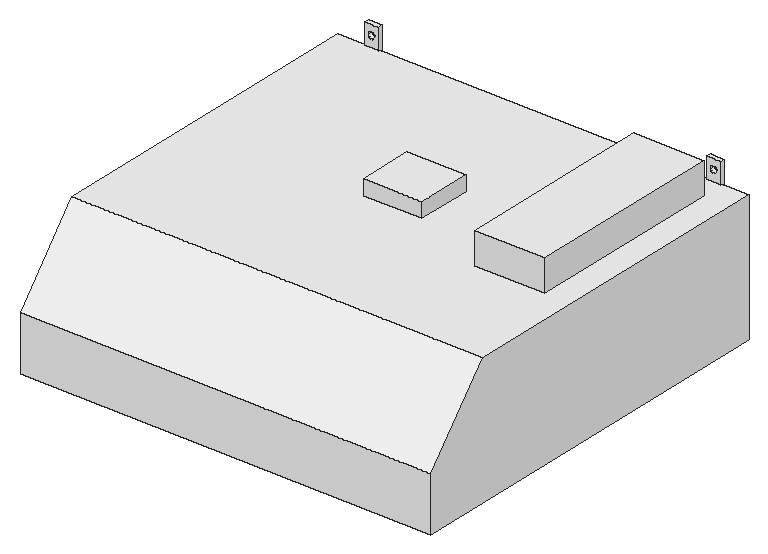
Revit family "v-316_317k7_kr7_kp7_6", category 機械設備, Revit 2019
Family settings
  丸型コネクタ寸法 = 直径を使用
  パーツ タイプ = 標準
  OmniClass 番号 = 23.75.35.17.27
  OmniClass タイトル = Centrifugal Fans
  作業面ベース = いいえ
  常に垂直 = はい
  ロード時にボイドで切り取り = いいえ
  共有 = いいえ
  部屋計算ポイント = いいえ
Parameters (values of type "V-316KSW6")
  騒音レベル(dB(A)) = 46
  風量 = 570.0 m³/h
  電源種別 [instance] = ""
  電圧 = 100 V
  電動機出力 = 0 W
  電動機_種別 = ""
  集中コントローラ = ""
  運転質量 = 0.00 kg
  連動 [instance] = ""
  質量 = if(製品質量 > 運転質量, 製品質量, 運転質量) * 1.2  # 14.40 kg
  負荷分類 = 3_ファン類
  説明 = "レンジフードファン 浅形 標準タイプ"
  設計風量 = 0.0 m³/h
  設置方法 = "天吊"
  記号 [instance] = ""
  製造元 = "三菱電機株式会社"
  製品質量 = 12.00 kg
  製品出荷対象 = "国内"
  製品リリース年月 = "2022年6月1日"
  製品グループ = ""
  系統 [instance] = ""
  符号 = if(☑給気／□排気, "FS", "FE")  # "FE"
  積算_科目 = "2 換気設備"
  積算_拾い区分 [instance] = ""
  相 = 1
  盤記号 [instance] = ""
  発停方法 [instance] = ""
  特殊仕様 [instance] = ""
  火災停止 [instance] = ""
  消費電力 = 84 W
  法定耐用年数 = "15"
  機外静圧_排気 = 210.0 Pa
  機外静圧 = 0.0 Pa
  極数 = 2
  材質 [instance] = ""
  操作・制御方式 = ""
  操作・制御スイッチ = ""
  排気量 = 0.0 m³/h
  形式 = "片吸込形"
  幹線記号 [instance] = ""
  対象室 [instance] = ""
  実風量 = 0.0 m³/h
  始動方式 [instance] = "直入"
  天吊用穴_D2 = 336 mm
  天吊用穴_D1 = 15 mm
  天吊用穴_ピッチ = 250 mm
  外気量 = 0.0 m³/h
  呼称 = "遠心送風機"
  周波数 = 60 Hz
  取付金具_穴位置 = 16 mm
  取付金具_径 = 10 mm
  取付金具_ピッチ = 500 mm
  取付金具_H = 30 mm
  取付金具_Depth = 6 mm
  参照している仕様書等のバージョン = ""
  分類コード = "50052503100060"
  分類グループ = ""
  価格 = 68100
  企業コード = "108420"
  付属品_フィルター_還気 = ""
  付属品_フィルター = ""
  付属品 [instance] = ""
  仕様書バージョン = "Version1.0"
  モデル = "V-316KSW6"
  マテリアル = 鋼板(白)
  ファンの種類 = ""
  ダクト高 = 291 mm
  ダクト幅 = 102 mm
  コメント [instance] = ""
  Keynote = ""
  Assembly Code = ""
  ☑給気／□排気 = no
  Width = 600 mm
  W1 = Width / 2  # 300 mm
  Version = ""
  Uniclass2015Version = "Systems v1.9"
  Uniclass2015Title = "Centrifugal fans"
  Uniclass2015Code = "Pr_65_67_29_12"
  URL = "https://www.mitsubishielectric.co.jp/ldg/wink/ssl/displayProduct.do?pid=320499"
  SpecificationReference = ""
  SpecificationDescription = ""
  Revision = ""
  ProductInformation = ""
  OmniClassCode = "23-33 31 19 13 15"
  MIN風量 = 360.0 m³/h
  MIN静圧 = 0.0 Pa
  MID風量 = 0.0 m³/h
  MID静圧 = 0.0 Pa
  MAX風量 = 570.0 m³/h
  MAX静圧 = 0.0 Pa
  IfcTypeProduct = ""
  IfcProduct = ""
  IfcExportType = "CENTRIFUGALFORWARDCURVED"
  IfcExportAs = "IfcFanType"
  Height = 190 mm
  H1 = 110 mm
  EAダクト接続口_後部 = no
  EAダクト接続口_左 = no
  EAダクト接続口_右 = no
  EAダクト接続口_上部左 = no
  EAダクト接続口_上部右 = yes
  EAサイズ_W = 102 mm
  EAサイズ_D = 291 mm
  Duct_W = 210 mm
  Duct_Height = 46 mm
  Duct_H = 91 mm
  Duct_D = 178 mm
  Depth = 580 mm
  D1 = 95 mm
  Clearance Top = 0 mm
  Clearance Right = 0 mm
  Clearance Left = 0 mm
  Clearance Front = 0 mm
  Clearance Bottom = 0 mm
  Clearance Back = 0 mm
  Box_Width = 85 mm
  Box_Height = 22 mm
  Box_Depth = 80 mm
  Box_D = 235 mm
  Author = "三菱電機株式会社"
Reference planes
  plane 1 "中心(正面/背面)": y = 0
  plane 2: z = 0
  plane 3 "中心(左/右)": x = 0
  plane 4: x = -300
  plane 5: x = 300
  plane 6: y = -580
  plane 7: z = -190
  plane 8: z = -110
  plane 9: z = 46
  plane 10: y = -290
  plane 11: y = -485
  plane 12: x = -210
  plane 13: x = 210
  plane 14: y = -178
  plane 15: x = -125
  plane 16: x = 125
  plane 17: y = -15
  plane 18: x = -150
  plane 19: x = 150
  plane 20: z = 30
  plane 21: z = 16
  plane 22: x = -250
  plane 23: x = -260
  plane 24: x = -240
  plane 25: x = 250
  plane 26: x = 260
  plane 27: x = 240
  plane 28: y = 6
  plane 29: x = 159
  plane 30: x = 261
  plane 31: y = -32.5
  plane 32: y = -323.5
  plane 33: x = -159
  plane 34: x = -261
  plane 35: x = -145.5
  plane 36: x = 145.5
  plane 37: z = -91
  plane 38: z = -142
  plane 39: z = -40
  plane 40: y = 46
  plane 41: x = 346
  plane 42: x = -346
  plane 43: y = -351
  plane 44: y = -235
  plane 45: y = -275
  plane 46: y = -195
  plane 47: x = -42.5
  plane 48: x = 42.5
  plane 49: z = 22
Forms (mm)
  Extrusion 1, solid, material "鋼板(白)" <- "マテリアル", detail levels fine
    sketch origin (0, 0, 0) x (1, 0, 0) y (0, 1, 0)
      loop
        line (-300, 0) -> (-300, -485) -> (300, -485) -> (300, 0) -> (-300, 0)
    from -190 to 0
  Blend 2, solid, material "鋼板(白)" <- "マテリアル", detail levels fine
    base sketch origin (0, 0, 0) x (1, 0, 0) y (0, 0, 1)
      loop
        line (-300, -190) -> (300, -190) -> (300, 0) -> (-300, 0) -> (-300, -190)
    top sketch origin (0, 0, 0) x (1, 0, 0) y (0, 0, 1)
      loop
        line (-300, -190) -> (300, -190) -> (300, -110) -> (-300, -110) -> (-300, -190)
    from 485 to 580
  Extrusion 3, solid, material "鋼板(白)" <- "マテリアル", visible <- "EAダクト接続口_上部右", detail levels fine
    sketch origin (0, 0, 0) x (1, 0, 0) y (0, 1, 0)
      loop
        line (159, -32.5) -> (159, -323.5) -> (261, -323.5) -> (261, -32.5) -> (159, -32.5)
    from 0 to 46
  Extrusion 4, solid, material "鋼板(白)" <- "マテリアル", visible <- "EAダクト接続口_上部左", detail levels fine
    sketch origin (0, 0, 0) x (1, 0, 0) y (0, 1, 0)
      loop
        line (-261, -32.5) -> (-261, -323.5) -> (-159, -323.5) -> (-159, -32.5) -> (-261, -32.5)
    from 0 to 46
  Extrusion 5, solid, material "鋼板(白)" <- "マテリアル"
    sketch origin (0, 0, 0) x (1, 0, 0) y (0, 0, 1)
      loop
        line (-260, 30) -> (-260, -190) -> (-240, -190) -> (-240, 30) -> (-260, 30)
      loop
        line (240, 30) -> (240, -190) -> (260, -190) -> (260, 30) -> (240, 30)
      loop
        circle (250, 16) r 5
      loop
        circle (-250, 16) r 5
    from -6 to 0
  Extrusion 6, solid, material "鋼板(白)" <- "マテリアル", visible <- "EAダクト接続口_後部"
    sketch origin (0, 0, 0) x (1, 0, 0) y (0, 0, 1)
      loop
        line (-145.5, -40) -> (-145.5, -142) -> (145.5, -142) -> (145.5, -40) -> (-145.5, -40)
    from -46 to 0
  Extrusion 7, solid, material "鋼板(白)" <- "マテリアル", visible <- "EAダクト接続口_左"
    sketch origin (0, 0, 0) x (0, 1, 0) y (0, 0, 1)
      loop
        line (-323.5, -142) -> (-32.5, -142) -> (-32.5, -40) -> (-323.5, -40) -> (-323.5, -142)
    from -346 to -300
  Extrusion 8, solid, material "鋼板(白)" <- "マテリアル", visible <- "EAダクト接続口_右"
    sketch origin (0, 0, 0) x (0, 1, 0) y (0, 0, 1)
      loop
        line (-323.5, -142) -> (-32.5, -142) -> (-32.5, -40) -> (-323.5, -40) -> (-323.5, -142)
    from 300 to 346
  Extrusion 9, solid, material "鋼板(白)" <- "マテリアル"
    sketch origin (0, 0, 0) x (1, 0, 0) y (0, 1, 0)
      loop
        line (-42.5, -195) -> (-42.5, -275) -> (42.5, -275) -> (42.5, -195) -> (-42.5, -195)
    from 0 to 22
Cuts and joins
  joined: Extrusion 1, Blend 2
Lines and regions (mm)
  Masking region 1, detail levels coarse+medium
    outline origin (1326.5, 29, 0) x (1, 0, 0) y (0, 1, 0)
      loop
        line (-1626.5, -29) -> (-1626.5, -609) -> (-1026.5, -609) -> (-1026.5, -29) -> (-1626.5, -29)
  symbolic lines, detail levels coarse+medium
    curve 1: circle (-150, -290, 0) r 150 normal (0, 0, 1)
    curve 2: circle (150, -290, 0) r 150 normal (0, 0, 1)
Dimensions and locks
  equal spacing: plane 4, plane 3 "中心(左/右)", plane 5
  "Width": plane 4 to plane 5
  equal spacing: plane 6, plane 10, plane 1 "中心(正面/背面)"
  "Depth": plane 1 "中心(正面/背面)" to plane 6
  equal spacing: plane 12, plane 3 "中心(左/右)", plane 13
  "Duct_D": plane 1 "中心(正面/背面)" to plane 14
  "Height": level to plane 7
  "Duct_Height": plane 9 to level
  equal spacing: plane 15, plane 3 "中心(左/右)", plane 16
  "天吊用穴_ピッチ": plane 15 to plane 16
  "天吊用穴_D1": plane 1 "中心(正面/背面)" to plane 17
  equal spacing: plane 4, plane 18, plane 3 "中心(左/右)"
  equal spacing: plane 3 "中心(左/右)", plane 19, plane 5
  "D1": plane 11 to plane 6
  "H1": level to plane 8
  "取付金具_H": plane 20 to level
  "取付金具_穴位置": plane 21 to level
  equal spacing: plane 24, plane 22, plane 23
  locked: plane 24 to plane 23 at 20
  equal spacing: plane 27, plane 25, plane 26
  locked: plane 27 to plane 26 at 20
  equal spacing: plane 25, plane 3 "中心(左/右)", plane 22
  "取付金具_ピッチ": plane 25 to plane 22
  "取付金具_Depth": plane 28 to plane 1 "中心(正面/背面)"
  equal spacing: plane 29, plane 13, plane 30
  "EAサイズ_W": plane 29 to plane 30
  equal spacing: plane 31, plane 14, plane 32
  "EAサイズ_D": plane 31 to plane 32
  "EAサイズ_W": plane 33 to plane 34
  equal spacing: plane 34, plane 12, plane 33
  "Duct_W": plane 12 to plane 3 "中心(左/右)"
  equal spacing: plane 39, plane 37, plane 38
  "EAサイズ_W": plane 39 to plane 38
  "Duct_H": level to plane 37
  equal spacing: plane 36, plane 3 "中心(左/右)", plane 35
  "EAサイズ_D": plane 36 to plane 35
  "Duct_Height": plane 1 "中心(正面/背面)" to plane 40
  "Duct_Height": plane 42 to plane 4
  "Duct_Height": plane 5 to plane 41
  "天吊用穴_D2": plane 17 to plane 43
  equal spacing: plane 45, plane 44, plane 46
  "Box_Depth": plane 45 to plane 46
  "Box_D": plane 1 "中心(正面/背面)" to plane 44
  equal spacing: plane 47, plane 3 "中心(左/右)", plane 48
  "Box_Width": plane 47 to plane 48
  "Box_Height": plane 49 to level
  "W1": diameter of curve 1
  "W1": diameter of curve 2
  "取付金具_径": diameter of Extrusion 5 sketch curve  (x2)
  aligned and locked: level to plane 2
  aligned and locked: Masking region 1 to plane 4
  aligned and locked: plane 5 to Masking region 1
  aligned and locked: Masking region 1 to plane 6
  aligned and locked: Masking region 1 to plane 1 "中心(正面/背面)"
  aligned and locked: plane 1 "中心(正面/背面)" to Extrusion 1 sketch curve
  aligned and locked: plane 4 to Extrusion 1 sketch curve
  aligned and locked: plane 11 to Extrusion 1 sketch curve
  aligned and locked: Extrusion 1 sketch curve to plane 5
  aligned and locked: Blend 2 sketch curve to plane 7  (x2)
  aligned and locked: level to Blend 2 sketch curve
  aligned and locked: plane 5 to Blend 2 sketch curve
  aligned and locked: Blend 2 sketch curve to plane 4
  aligned and locked: var sketch to Blend 2 sketch curve
  aligned and locked: Extrusion 1 to plane 7
  aligned and locked: level to Extrusion 1
  aligned and locked: Blend 2 to plane 6
  aligned and locked: plane 11 to Blend 2
  aligned and locked: plane 9 to Extrusion 3
  aligned and locked: Extrusion 3 to level
  aligned and locked: plane 9 to Extrusion 4
  aligned and locked: Extrusion 4 to level
  aligned and locked: plane 8 to Blend 2 sketch curve
  aligned and locked: Extrusion 5 sketch curve to plane 20  (x2)
  aligned and locked: plane 23 to Extrusion 5 sketch curve
  aligned and locked: plane 24 to Extrusion 5 sketch curve
  aligned and locked: plane 7 to Extrusion 5 sketch curve  (x2)
  aligned and locked: plane 27 to Extrusion 5 sketch curve
  aligned and locked: plane 26 to Extrusion 5 sketch curve
  aligned and locked: plane 28 to Extrusion 5
  aligned and locked: plane 1 "中心(正面/背面)" to Extrusion 5
  aligned and locked: Extrusion 3 sketch curve to plane 31
  aligned and locked: plane 29 to Extrusion 3 sketch curve
  aligned and locked: Extrusion 3 sketch curve to plane 32
  aligned and locked: plane 30 to Extrusion 3 sketch curve
  aligned and locked: Extrusion 4 sketch curve to plane 31
  aligned and locked: Extrusion 4 sketch curve to plane 32
  aligned and locked: plane 33 to Extrusion 4 sketch curve
  aligned and locked: plane 34 to Extrusion 4 sketch curve
  aligned and locked: Extrusion 6 sketch curve to plane 39
  aligned and locked: plane 35 to Extrusion 6 sketch curve
  aligned and locked: plane 38 to Extrusion 6 sketch curve
  aligned and locked: Extrusion 6 sketch curve to plane 36
  aligned and locked: Extrusion 6 to plane 40
  aligned and locked: plane 1 "中心(正面/背面)" to Extrusion 6
  aligned and locked: Extrusion 7 sketch curve to plane 38
  aligned and locked: plane 32 to Extrusion 7 sketch curve
  aligned and locked: plane 31 to Extrusion 7 sketch curve
  aligned and locked: Extrusion 8 sketch curve to plane 38
  aligned and locked: plane 32 to Extrusion 8 sketch curve
  aligned and locked: plane 39 to Extrusion 8 sketch curve
  aligned and locked: plane 31 to Extrusion 8 sketch curve
  aligned and locked: plane 41 to Extrusion 8
  aligned and locked: Extrusion 8 to plane 5
  aligned and locked: plane 42 to Extrusion 7
  aligned and locked: plane 4 to Extrusion 7
  aligned and locked: plane 15 to nested 1
  aligned and locked: plane 16 to nested 1
  aligned and locked: plane 17 to nested 1
  aligned and locked: nested 1 to plane 43
  aligned and locked: plane 46 to Extrusion 9 sketch curve
  aligned and locked: plane 47 to Extrusion 9 sketch curve
  aligned and locked: plane 45 to Extrusion 9 sketch curve
  aligned and locked: plane 48 to Extrusion 9 sketch curve
  aligned and locked: plane 49 to Extrusion 9
  aligned and locked: Extrusion 9 to level
Automatic sketch dimensions
  curve 1 to plane 10 = 0 mm
  curve 1 to plane 18 = 0 mm
  curve 2 to plane 10 = 0 mm
  curve 2 to plane 19 = 0 mm
  Extrusion 5 sketch curve to plane 21 = 0 mm  (x2)
  Extrusion 5 sketch curve to plane 22 = 0 mm
  plane 25 to Extrusion 5 sketch curve = 0 mm
  Masking region 1 sketch curve to plane 4 = 0 mm
  Masking region 1 sketch curve to plane 5 = 0 mm
  Masking region 1 sketch curve to plane 6 = 0 mm
  plane 1 "中心(正面/背面)" to Masking region 1 sketch curve = 0 mm
  Blend 2 sketch curve to plane 4 = 0 mm
  Extrusion 4 sketch curve to plane 31 = 0 mm
  Extrusion 7 sketch curve to plane 39 = 0 mm
Nested families
  nested 1: "固定点" at (-125, -351, 0), type "固定点"
    with W 250 mm, D 336 mm
Connectors
  hvac at (210, -178, 46), driven by "ダクト幅", driven by "機外静圧", driven by "風量", driven by "ダクト高", driven by "ダクト幅"
    settings: on Extrusion 3, index 1, duct flow 570.0 m³/h, flow factor 0, pres drop 0.0 Pa, loss coef 0, conn angle 0.00°, conn width 102 mm, conn height 291 mm, conn diameter 102 mm, duct sys type 3, conn prof type 1, flow config 0, flow direction 2, loss method 4, conn ref index -1, conn util no, is conn primary yes, conn desc ""
  hvac at (-210, -178, 46), driven by "ダクト幅", driven by "機外静圧", driven by "風量", driven by "ダクト高", driven by "ダクト幅"
    settings: on Extrusion 4, index 2, duct flow 570.0 m³/h, flow factor 0, pres drop 0.0 Pa, loss coef 0, conn angle 0.00°, conn width 102 mm, conn height 291 mm, conn diameter 102 mm, duct sys type 3, conn prof type 1, flow config 0, flow direction 2, loss method 4, conn ref index -1, conn util no, is conn primary no, conn desc ""
  electrical at (0, -242.5, 0), driven by "極数", driven by "負荷分類", driven by "電圧", driven by "消費電力"
    settings: on cut or joined group of Extrusion 1, Blend 2, index 3, voltage 100 V, apparent load 84 VA, apparent load phase1 0 VA, apparent load phase2 0 VA, apparent load phase3 0 VA, power factor 1, load classification "3_ファン類", number of poles 2, system type 30, power factor state 1, is connector primary yes, connector utility no, sub classification motor no, connector description ""
  hvac at (346, -178, -91), driven by "ダクト幅", driven by "ダクト高", driven by "機外静圧", driven by "風量"
    settings: on Extrusion 8, index 4, duct flow 570.0 m³/h, flow factor 0, pres drop 0.0 Pa, loss coef 0, conn angle 0.00°, conn width 291 mm, conn height 102 mm, conn diameter 609.6 mm, duct sys type 3, conn prof type 1, flow config 0, flow direction 2, loss method 4, conn ref index -1, conn util no, is conn primary no, conn desc ""
  hvac at (0, 46, -91), driven by "ダクト幅", driven by "ダクト高", driven by "機外静圧", driven by "風量"
    settings: on Extrusion 6, index 5, duct flow 570.0 m³/h, flow factor 0, pres drop 0.0 Pa, loss coef 0, conn angle 0.00°, conn width 291 mm, conn height 102 mm, conn diameter 609.6 mm, duct sys type 3, conn prof type 1, flow config 0, flow direction 2, loss method 4, conn ref index -1, conn util no, is conn primary no, conn desc ""
  hvac at (-346, -178, -91), driven by "ダクト幅", driven by "ダクト高", driven by "機外静圧", driven by "風量"
    settings: on Extrusion 7, index 6, duct flow 570.0 m³/h, flow factor 0, pres drop 0.0 Pa, loss coef 0, conn angle 0.00°, conn width 291 mm, conn height 102 mm, conn diameter 609.6 mm, duct sys type 3, conn prof type 1, flow config 0, flow direction 2, loss method 4, conn ref index -1, conn util no, is conn primary no, conn desc ""
Definition of nested family "固定点"
  Parameters (values of type "固定点")
    中心円 = 20 mm
    W [instance] = 1000 mm
    D [instance] = 1000 mm
  Reference planes
    plane 1 "中心(正面/背面)": y = 0
    plane 2: z = 0
    plane 3 "中心(左/右)": x = 0
    plane 4: x = 1000
    plane 5: y = 1000
  Lines and regions (mm)
    symbolic lines, detail levels fine
      curve 1: circle (0, 1000, 0) r 10 normal (0, 0, 1)
      curve 2: circle (0, 0, 0) r 10 normal (0, 0, 1)
      curve 3: circle (1000, 1000, 0) r 10 normal (0, 0, 1)
      curve 4: circle (1000, 0, 0) r 10 normal (0, 0, 1)
      curve 5: line (-200, 1000, 0) -> (1200, 1000, 0)
      curve 6: line (-200, 0, 0) -> (1200, 0, 0)
      curve 7: line (0, 1200, 0) -> (0, -200, 0)
      curve 8: line (1000, 1200, 0) -> (1000, -200, 0)
  Dimensions and locks
    "W": plane 3 "中心(左/右)" to plane 4
    "D": plane 1 "中心(正面/背面)" to plane 5
    "中心円": diameter of curve 1
    "中心円": diameter of curve 2
    "中心円": diameter of curve 3
    "中心円": diameter of curve 4
    aligned and locked: level to plane 2
    aligned and locked: plane 5 to curve 1
    aligned and locked: plane 3 "中心(左/右)" to curve 1
    aligned and locked: plane 3 "中心(左/右)" to curve 2
    aligned and locked: plane 1 "中心(正面/背面)" to curve 2
    aligned and locked: plane 4 to curve 3
    aligned and locked: plane 5 to curve 3
    aligned and locked: plane 1 "中心(正面/背面)" to curve 4
    aligned and locked: plane 4 to curve 4
    aligned and locked: plane 1 "中心(正面/背面)" to curve 6
    aligned and locked: curve 7 to plane 3 "中心(左/右)"
    aligned and locked: curve 8 to plane 4
  Automatic sketch dimensions
    curve 5 to plane 5 = 0 mm
    curve 6 to plane 3 "中心(左/右)" = 200 mm
    curve 5 to plane 3 "中心(左/右)" = 200 mm
    curve 4 to curve 6 = 200 mm
    curve 3 to curve 5 = 200 mm
    plane 1 "中心(正面/背面)" to curve 8 = 200 mm
    plane 1 "中心(正面/背面)" to curve 7 = 200 mm
    curve 3 to curve 8 = 200 mm
    curve 1 to curve 7 = 200 mm
